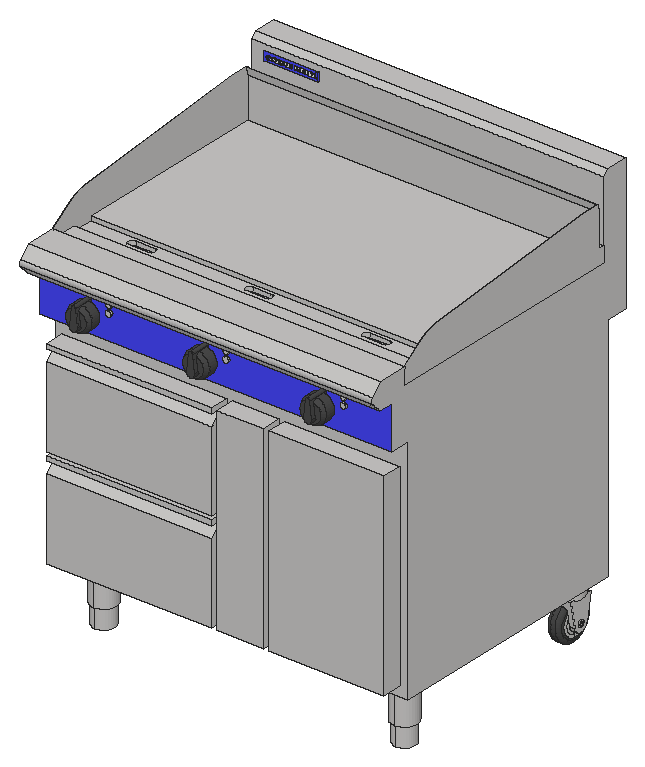
Revit family "QF_MOFFAT_BLUESEAL_CE_E516A-RB", category Specialty Equipment, Revit 2012
Parameters
  Weight in Pounds = 286  # constant formula
  Width [instance] = 900 mm  # constant formula
  Watts = 10200 W
  Volts = 400 V
  URL Cutsheet = "www.moffat.com"
  URL = "www.moffat.com"
  Type Mark [instance] = ""
  Status [instance] = ""
  Specification by User [instance] = ""
  Specification by Manufacturer = ""
  Show Logo [instance] = yes
  Show Door [instance] = no
  Show Clearance [instance] = yes
  Show Casters [instance] = yes
  Serial Number = ""
  Seismic Rating = ""
  SMACNA No = ""
  Revision Code [instance] = ""
  Refrigerant Type [instance] = "R134a"
  Phase = 3
  Omniclass Number and Title = ""
  Number of Poles = 1
  NAFEM Spec ID Number = ""
  Model = "E516A-RB"
  Min Ckt Ampacity = 0 A
  Max Overcurrent Protection = 0 A
  Masterspec = ""
  Manufacturer = "MOFFAT BLUESEAL"
  Legs [instance] = not(Show Casters)  # no
  Item Number [instance] = ""
  Installed By [instance] = ""
  Identify Quantity as Lot [instance] = yes
  Height = 1085 mm  # constant formula
  HP = ""
  Furnished By [instance] = ""
  Foodservice Equipment Identifier [instance] = yes
  FL Amps = 15 A
  Electrical Remarks = "15A PER PHASE"
  Elec Conn RI Height = 0 mm
  Elec Conn Connection Height = 0 mm
  Drawer Clearance [instance] = and(Show Clearance, and(Drawer))  # yes
  Drawer [instance] = not(Show Door)  # yes
  Door Clearance [instance] = and(Show Clearance, and(Show Door))  # no
  Description = "900MM ELECTRIC GRIDDLE PLATE ON REFRIGERATED BASE"
  Depth [instance] = 812 mm  # constant formula
  Cycle = 50 Hz
  Conn Plug = ""
  Conn Conduit = yes
  CSI MasterFormat = ""
  CSI Master Format = ""
  Back Splash [instance] = 215 mm  # constant formula
  Apparent Power = if(Phase = 3, Volts * FL Amps * 1.73, Volts * FL Amps)  # 10380 VA
Reference planes
  plane 1 "BACK": y = 0
  plane 2: z = 0
  plane 3 "LEFT": x = 0
  plane 4 "RIGHT": x = 900
  plane 5 "FRONT": y = -812
  plane 6 "TOP": z = 970
  plane 7 "Center Y": x = 450
  plane 8 "Center X": y = -406
  plane 9 "Base Height": z = 150
  plane 10: z = 915
  plane 11: x = 65
  plane 12: x = 834
  plane 13: y = -625
  plane 14: x = 770
  plane 15: z = 655
  plane 16: y = -32
  plane 17: x = 617
  plane 18: z = 402
  plane 19: z = 1085
  plane 20: y = -100
Forms (mm)
  Extrusion 1, solid, material "QF_Finishes_Stainless Steel"
    sketch origin (0, 0, 0) x (0, 1, 0) y (0, 0, 1)
      loop
        line (-697, 150) -> (-57, 150) -> (-57, 740) -> (0, 740) -> (0, 1085) -> (-57.5, 1085) -> (-70, 1072.5) -> (-70, 875) -> (-705, 875) -> (-705, 915) -> (-783.97, 915) -> (-808.485, 890.485)
        arc (-808.485, 890.485) -> (-811.999, 882) -> (-808.485, 873.515) r 12
        line (-808.485, 873.515) -> (-784.97, 850) -> (-749, 850) -> (-749, 740) -> (-697, 740) -> (-697, 150)
    from 0 to 900
  Revolve 2, solid, material "QF_Finishes_Stainless Steel", visible <- "Legs"
    sketch origin (834, -210, 0) x (0, 1, 0) y (0, 0, -1)
      loop
        line (78.25, -150) -> (110, -150) -> (110, 0) -> (82.5, 0) -> (82.5, -50) -> (78.25, -50) -> (78.25, -150)
      axis (110, -150) -> (110, 0)
    angle from 0 to 360
  Revolve 3, solid, material "QF_Finishes_Stainless Steel"
    sketch origin (834, -735, 0) x (0, 1, 0) y (0, 0, -1)
      loop
        line (78.25, -150) -> (110, -150) -> (110, 0) -> (82.5, 0) -> (82.5, -50) -> (78.25, -50) -> (78.25, -150)
      axis (110, -150) -> (110, 0)
    angle from 0 to 360
  Revolve 4, solid, material "QF_Finishes_Stainless Steel", visible <- "Legs"
    sketch origin (65, -210, 0) x (0, 1, 0) y (0, 0, -1)
      loop
        line (78.25, -150) -> (110, -150) -> (110, 0) -> (82.5, 0) -> (82.5, -50) -> (78.25, -50) -> (78.25, -150)
      axis (110, -150) -> (110, 0)
    angle from 0 to 360
  Revolve 5, solid, material "QF_Finishes_Stainless Steel"
    sketch origin (65, -735, 0) x (0, 1, 0) y (0, 0, -1)
      loop
        line (78.25, -150) -> (110, -150) -> (110, 0) -> (82.5, 0) -> (82.5, -50) -> (78.25, -50) -> (78.25, -150)
      axis (110, -150) -> (110, 0)
    angle from 0 to 360
  Revolve 6, solid, material "QF_Finishes_Black"
    sketch origin (133.995, 0, 597.8) x (0, 1, 0) y (0, 0, -1)
      loop
        line (-789, -229.5) -> (-766, -229.5) -> (-766, -202) -> (-756, -202) -> (-756, -197) -> (-800, -197) -> (-800, -223.651) -> (-789, -229.5)
      axis (-800, -197) -> (-756, -197)
    angle from 0 to 360
  Extrusion 7, solid, material "QF_Finishes_Black"
    sketch origin (272.265, 0, 597.958) x (-1, 0, 0) y (0, 0, -1)
      loop
        line (127.85, -186.037) -> (133.271, -228.955)
        arc (133.271, -228.955) -> (138.27, -233.842) -> (143.268, -228.955) r 5
        line (143.268, -228.955) -> (148.757, -184.87)
        arc (148.757, -184.87) -> (137.685, -174.371) -> (127.85, -186.037) r 10.487
    from 759 to 808
  Extrusion 8, solid, material "QF_Finishes_Stainless Steel"
    sketch origin (0, 0, 740) x (-1, 0, 0) y (0, 1, 0)
      loop
        circle (-770, -32) r 13.5
    from 0 to 1
  Extrusion 9, solid, material "QF_Finishes_Stainless Steel"
    sketch origin (0, -57, 685) x (0, 0, 1) y (1, 0, 0)
      loop
        circle (-265, 620) r 13.5
    from 0 to 3.18
  Extrusion 10, solid, material "QF_Finishes_Stainless Steel"
    sketch origin (0, -749, 866) x (0, 0, -1) y (1, 0, 0)
      loop
        circle (41.2, 179) r 7.15
      loop
        circle (61.2, 179) r 7.15
      loop
        circle (41.2, 479) r 7.15
      loop
        circle (61.2, 479) r 7.15
      loop
        circle (41.2, 779) r 7.15
      loop
        circle (61.2, 779) r 7.15
    from 0 to 3.18
  Revolve 11, solid, material "QF_Finishes_Black"
    sketch origin (433.995, 0, 597.8) x (0, 1, 0) y (0, 0, -1)
      loop
        line (-789, -229.5) -> (-766, -229.5) -> (-766, -202) -> (-756, -202) -> (-756, -197) -> (-800, -197) -> (-800, -223.651) -> (-789, -229.5)
      axis (-800, -197) -> (-756, -197)
    angle from 0 to 360
  Extrusion 12, solid, material "QF_Finishes_Black"
    sketch origin (572.265, 0, 597.958) x (-1, 0, 0) y (0, 0, -1)
      loop
        line (127.85, -186.037) -> (133.271, -228.955)
        arc (133.271, -228.955) -> (138.27, -233.842) -> (143.268, -228.955) r 5
        line (143.268, -228.955) -> (148.757, -184.87)
        arc (148.757, -184.87) -> (137.685, -174.371) -> (127.85, -186.037) r 10.487
    from 759 to 808
  Revolve 13, solid, material "QF_Finishes_Black"
    sketch origin (733.995, 0, 597.8) x (0, 1, 0) y (0, 0, -1)
      loop
        line (-789, -229.5) -> (-766, -229.5) -> (-766, -202) -> (-756, -202) -> (-756, -197) -> (-800, -197) -> (-800, -223.651) -> (-789, -229.5)
      axis (-800, -197) -> (-756, -197)
    angle from 0 to 360
  Extrusion 14, solid, material "QF_Finishes_Black"
    sketch origin (872.265, 0, 597.958) x (-1, 0, 0) y (0, 0, -1)
      loop
        line (127.85, -186.037) -> (133.271, -228.955)
        arc (133.271, -228.955) -> (138.27, -233.842) -> (143.268, -228.955) r 5
        line (143.268, -228.955) -> (148.757, -184.87)
        arc (148.757, -184.87) -> (137.685, -174.371) -> (127.85, -186.037) r 10.487
    from 759 to 808
  Revolve 15, solid, material "QF_Finishes_Stainless Steel", visible <- "Show Casters"
    sketch origin (485.423, -100.755, -12.798) x (1, 0, 0) y (0, 0, 1)
      loop
        line (314.841, 63.604) -> (383.584, 63.604) -> (383.584, 67.109) -> (382.314, 68.379) -> (380.79, 68.379) -> (380.79, 71.826) -> (368.644, 71.826) -> (368.644, 81.79) -> (365.088, 83.843) -> (363.738, 92.179) -> (365.881, 92.179) -> (365.881, 98.529) -> (365.088, 98.529) -> (365.088, 104.879)
        arc (365.088, 104.879) -> (362.298, 111.614) -> (355.563, 114.404) r 9.525
        line (355.563, 114.404) -> (342.863, 114.404)
        arc (342.863, 114.404) -> (336.127, 111.614) -> (333.338, 104.879) r 9.525
        line (333.338, 104.879) -> (333.338, 98.529) -> (332.544, 98.529) -> (332.544, 92.179) -> (334.687, 92.179) -> (333.352, 83.932) -> (329.782, 81.871) -> (329.782, 71.826) -> (317.635, 71.826) -> (317.635, 68.379) -> (316.111, 68.379) -> (314.841, 67.109) -> (314.841, 63.604)
      axis (314.841, 63.604) -> (383.584, 63.604)
    angle from 0 to 360
  Extrusion 16, solid, material "QF_Finishes_Stainless Steel", visible <- "Show Casters"
    sketch origin (841.147, 132.353, -9.137) x (0, 1, 0) y (0, 0, 1)
      loop
        line (-200.603, 118.783) -> (-264.103, 118.783) -> (-251.746, 53.895)
        arc (-251.746, 53.895) -> (-232.353, 38.783) -> (-212.959, 53.895) r 20
        line (-212.959, 53.895) -> (-200.603, 118.783)
    from -35.667 to 22.923
  Revolve 17, solid, material "QF_Finishes_Stainless Steel", visible <- "Show Casters"
    sketch origin (834.646, -204, -0.354) x (0, 1, 0) y (0, 0, 1)
      loop
        line (68.25, 150) -> (68.25, 110) -> (104, 110) -> (104, 150) -> (68.25, 150)
      axis (104, 150) -> (104, 110)
    angle from 0 to 360
  Revolve 18, solid, material "QF_Finishes_Stainless Steel", visible <- "Show Casters"
    sketch origin (-283.577, -100.755, -12.798) x (1, 0, 0) y (0, 0, 1)
      loop
        line (314.841, 63.604) -> (383.584, 63.604) -> (383.584, 67.109) -> (382.314, 68.379) -> (380.79, 68.379) -> (380.79, 71.826) -> (368.644, 71.826) -> (368.644, 81.79) -> (365.088, 83.843) -> (363.738, 92.179) -> (365.881, 92.179) -> (365.881, 98.529) -> (365.088, 98.529) -> (365.088, 104.879)
        arc (365.088, 104.879) -> (362.298, 111.614) -> (355.563, 114.404) r 9.525
        line (355.563, 114.404) -> (342.863, 114.404)
        arc (342.863, 114.404) -> (336.127, 111.614) -> (333.338, 104.879) r 9.525
        line (333.338, 104.879) -> (333.338, 98.529) -> (332.544, 98.529) -> (332.544, 92.179) -> (334.687, 92.179) -> (333.352, 83.932) -> (329.782, 81.871) -> (329.782, 71.826) -> (317.635, 71.826) -> (317.635, 68.379) -> (316.111, 68.379) -> (314.841, 67.109) -> (314.841, 63.604)
      axis (314.841, 63.604) -> (383.584, 63.604)
    angle from 0 to 360
  Extrusion 19, solid, material "QF_Finishes_Stainless Steel", visible <- "Show Casters"
    sketch origin (72.147, 132.353, -9.137) x (0, 1, 0) y (0, 0, 1)
      loop
        line (-200.603, 118.783) -> (-264.103, 118.783) -> (-251.746, 53.895)
        arc (-251.746, 53.895) -> (-232.353, 38.783) -> (-212.959, 53.895) r 20
        line (-212.959, 53.895) -> (-200.603, 118.783)
    from -35.667 to 22.923
  Revolve 20, solid, material "QF_Finishes_Stainless Steel", visible <- "Show Casters"
    sketch origin (65.646, -204, -0.354) x (0, 1, 0) y (0, 0, 1)
      loop
        line (68.25, 150) -> (68.25, 110) -> (104, 110) -> (104, 150) -> (68.25, 150)
      axis (104, 150) -> (104, 110)
    angle from 0 to 360
  Extrusion 21, solid, material "QF_Finishes_Stainless Steel"
    sketch origin (0, 0, 0) x (0, 1, 0) y (0, 0, 1)
      loop
        line (-699, 678) -> (-747, 678) -> (-747, 665) -> (-715.13, 665) -> (-749, 636.579) -> (-749, 431) -> (-699, 431) -> (-699, 678)
      loop
        line (-749, 175) -> (-699, 175) -> (-699, 421) -> (-747, 421) -> (-747, 408) -> (-715.13, 408) -> (-749, 379.579) -> (-749, 175)
    from 17.986 to 440
  Extrusion 22, solid, material "QF_Finishes_Stainless Steel"
    sketch origin (723.5, 0, 0) x (0, 1, 0) y (0, 0, 1)
      loop
        line (-699, 678) -> (-749, 678) -> (-749, 175) -> (-699, 175) -> (-699, 678)
    from -270.5 to -150.5
  Extrusion 23, solid, material "QF_Door-Drawer Clearances", visible <- "Show Clearance", detail levels coarse
    sketch origin (0, -749, 676) x (0, 0, -1) y (1, 0, 0)
      loop
        line (501, 440) -> (255, 440) -> (255, 17.986) -> (501, 17.986) -> (501, 440)
      loop
        line (245, 440) -> (-2, 440) -> (-2, 17.986) -> (245, 17.986) -> (245, 440)
    from 0 to 304.8
  Extrusion 24, solid, material "QF_Finishes_Stainless Steel"
    sketch origin (1031.5, 0, 0) x (0, 1, 0) y (0, 0, 1)
      loop
        line (-699, 678) -> (-749, 678) -> (-749, 175) -> (-699, 175) -> (-699, 678)
    from -444.5 to -150.5
Lines and regions (mm)
  Split face 1
    outline origin (0, 612.322, 1085) x (0, -1, 0) y (1, 0, 0)
      loop
        arc (657.707, 566) -> (652.707, 574.66) -> (642.707, 574.66) r 10
        line (642.707, 574.66) -> (635.707, 570.619)
        arc (635.707, 570.619) -> (632.047, 566.959) -> (630.707, 561.959) r 10
        line (630.707, 561.959) -> (630.707, 334)
        arc (630.707, 334) -> (635.707, 325.34) -> (645.707, 325.34) r 10
        line (645.707, 325.34) -> (652.707, 329.381)
        arc (652.707, 329.381) -> (656.368, 333.041) -> (657.707, 338.041) r 10
        line (657.707, 338.041) -> (657.707, 566)
  Split face 2
    outline origin (0, 612.322, 1085) x (0, -1, 0) y (1, 0, 0)
      loop
        arc (630.707, 624) -> (635.707, 615.34) -> (645.707, 615.34) r 10
        line (645.707, 615.34) -> (652.707, 619.381)
        arc (652.707, 619.381) -> (656.368, 623.041) -> (657.707, 628.041) r 10
        line (657.707, 628.041) -> (657.707, 856)
        arc (657.707, 856) -> (652.707, 864.66) -> (642.707, 864.66) r 10
        line (642.707, 864.66) -> (635.707, 860.619)
        arc (635.707, 860.619) -> (632.047, 856.959) -> (630.707, 851.959) r 10
        line (630.707, 851.959) -> (630.707, 624)
  Split face 3
    outline origin (0, 612.322, 1085) x (0, -1, 0) y (1, 0, 0)
      loop
        arc (657.707, 276) -> (652.707, 284.66) -> (642.707, 284.66) r 10
        line (642.707, 284.66) -> (635.707, 280.619)
        arc (635.707, 280.619) -> (632.047, 276.959) -> (630.707, 271.959) r 10
        line (630.707, 271.959) -> (630.707, 44)
        arc (630.707, 44) -> (635.707, 35.34) -> (645.707, 35.34) r 10
        line (645.707, 35.34) -> (652.707, 39.381)
        arc (652.707, 39.381) -> (656.368, 43.041) -> (657.707, 48.041) r 10
        line (657.707, 48.041) -> (657.707, 276)
  Split face 4
    outline origin (1031.5, -749, 676) x (0, 0, -1) y (1, 0, 0)
      loop
        line (291.62, -416.534) -> (481.62, -416.534) -> (481.62, -181.534) -> (291.62, -181.534) -> (291.62, -416.534)
  Split face 5
    outline origin (1031.5, -749, 931) x (0, 0, -1) y (1, 0, 0)
      loop
        line (291.62, -416.534) -> (356.62, -416.534) -> (356.62, -181.534) -> (291.62, -181.534) -> (291.62, -416.534)
  Split face 6
    outline origin (1031.5, -749, 807.725) x (0, 0, -1) y (1, 0, 0)
      loop
        line (307.841, -274.649) -> (342.841, -274.649) -> (342.841, -219.649) -> (307.841, -219.649) -> (307.841, -274.649)
  Split face 7
    outline origin (939.097, -749, 808.536) x (0, 0, -1) y (1, 0, 0)
      loop
        line (307.841, -274.649) -> (342.841, -274.649) -> (342.841, -239.649) -> (307.841, -239.649) -> (307.841, -274.649)
  symbolic lines
    curve 1: line (0, 0, 0) -> (0, -812, 0)
    curve 2: line (900, 0, 0) -> (0, 0, 0)
    curve 3: line (900, -812, 0) -> (900, 0, 0)
    curve 4: line (0, -812, 0) -> (900, -812, 0)
    curve 13: line (0, -783.97, 0) -> (900, -783.97, 0)
    curve 14: line (271.959, -18.385, 0) -> (44, -18.385, 0)
    curve 15: arc (44, -18.385, 0) -> (35.34, -23.385, 0) -> (35.34, -33.385, 0) r 10
    curve 16: line (35.34, -33.385, 0) -> (39.381, -40.385, 0)
    curve 17: arc (39.381, -40.385, 0) -> (43.041, -44.045, 0) -> (48.041, -45.385, 0) r 10
    curve 18: line (48.041, -45.385, 0) -> (276, -45.385, 0)
    curve 19: arc (276, -45.385, 0) -> (284.66, -40.385, 0) -> (284.66, -30.385, 0) r 10
    curve 20: line (284.66, -30.385, 0) -> (280.619, -23.385, 0)
    curve 21: arc (280.619, -23.385, 0) -> (276.959, -19.725, 0) -> (271.959, -18.385, 0) r 10
    curve 22: line (334, -18.385, 0) -> (561.959, -18.385, 0)
    curve 23: arc (561.959, -18.385, 0) -> (566.959, -19.725, 0) -> (570.619, -23.385, 0) r 10
    curve 24: line (570.619, -23.385, 0) -> (574.66, -30.385, 0)
    curve 25: arc (574.66, -30.385, 0) -> (574.66, -40.385, 0) -> (566, -45.385, 0) r 10
    curve 26: line (566, -45.385, 0) -> (338.041, -45.385, 0)
    curve 27: arc (338.041, -45.385, 0) -> (333.041, -44.045, 0) -> (329.381, -40.385, 0) r 10
    curve 28: line (329.381, -40.385, 0) -> (325.34, -33.385, 0)
    curve 29: arc (325.34, -33.385, 0) -> (325.34, -23.385, 0) -> (334, -18.385, 0) r 10
    curve 30: line (851.959, -18.385, 0) -> (624, -18.385, 0)
    curve 31: arc (624, -18.385, 0) -> (615.34, -23.385, 0) -> (615.34, -33.385, 0) r 10
    curve 32: line (615.34, -33.385, 0) -> (619.381, -40.385, 0)
    curve 33: arc (619.381, -40.385, 0) -> (623.041, -44.045, 0) -> (628.041, -45.385, 0) r 10
    curve 34: line (628.041, -45.385, 0) -> (856, -45.385, 0)
    curve 35: arc (856, -45.385, 0) -> (864.66, -40.385, 0) -> (864.66, -30.385, 0) r 10
    curve 36: line (864.66, -30.385, 0) -> (860.619, -23.385, 0)
    curve 37: arc (860.619, -23.385, 0) -> (856.959, -19.725, 0) -> (851.959, -18.385, 0) r 10
    curve 38: line (0, -57.5, 0) -> (900, -57.5, 0)
    curve 39: line (0, -70, 0) -> (900, -70, 0)
  symbolic lines, style "SpecialityEquipmentHiddenLines", visible <- "Show Casters"
    curve 5: line (875.952, -62.61, 0) -> (825.152, -150.598, 0)
    curve 6: line (848.456, -46.735, 0) -> (875.952, -62.61, 0)
    curve 7: line (797.656, -134.723, 0) -> (848.456, -46.735, 0)
    curve 8: line (825.152, -150.598, 0) -> (797.656, -134.723, 0)
    curve 9: line (106.952, -62.61, 0) -> (56.152, -150.598, 0)
    curve 10: line (79.456, -46.735, 0) -> (106.952, -62.61, 0)
    curve 11: line (28.656, -134.723, 0) -> (79.456, -46.735, 0)
    curve 12: line (56.152, -150.598, 0) -> (28.656, -134.723, 0)
  symbolic lines, style "QF_Door-Drawer Clearances"
    curve 40: line (17.986, -1053.8, 0) -> (440, -1053.8, 0)
    curve 41: line (440, -1053.8, 0) -> (440, -812, 0)
    curve 42: line (17.986, -1053.8, 0) -> (17.986, -812, 0)
Dimensions and locks
  equal spacing: plane 3 "LEFT", plane 7 "Center Y", plane 4 "RIGHT"
  "Width": plane 3 "LEFT" to plane 4 "RIGHT"
  equal spacing: plane 5 "FRONT", plane 8 "Center X", plane 1 "BACK"
  "Depth": plane 5 "FRONT" to plane 1 "BACK"
  locked: plane 10 to level at 915
  locked: plane 9 "Base Height" to level at 150
  plane 6 "TOP" to plane 10 = 55 mm
  plane 12 to plane 11 = 769 mm
  plane 14 to plane 4 "RIGHT" = 130 mm
  plane 15 to level = 655 mm
  plane 16 to plane 1 "BACK" = 32 mm
  plane 17 to plane 4 "RIGHT" = 283 mm
  plane 18 to level = 402 mm
  Revolve 15 sketch curve to Revolve 15 sketch curve = 50.8 mm
  Revolve 18 sketch curve to Revolve 18 sketch curve = 50.8 mm
  "Height": plane 19 to level
  aligned and locked: level to plane 2
Automatic sketch dimensions
  curve 1 to plane 3 "LEFT" = 0 mm
  plane 1 "BACK" to curve 2 = 0 mm
  curve 2 to plane 4 "RIGHT" = 0 mm
  plane 5 "FRONT" to curve 1 = 0 mm
  curve 12 to plane 11 = 8.848 mm
  plane 11 to curve 10 = 14.456 mm
  plane 14 to curve 8 = 27.656 mm
  plane 12 to curve 8 = 8.848 mm
  curve 6 to plane 12 = 14.456 mm
  plane 20 to curve 8 = 50.598 mm
  plane 20 to curve 12 = 50.598 mm
  curve 9 to curve 11 = 15.875 mm
  curve 5 to curve 7 = 15.875 mm
  Extrusion 1 sketch curve to plane 10 = 0 mm
  Extrusion 1 sketch curve to plane 9 "Base Height" = 0 mm
  Extrusion 1 sketch curve to plane 19 = 0 mm
  Extrusion 1 sketch curve to plane 1 "BACK" = 0 mm
  Extrusion 1 sketch curve to plane 16 = 25 mm
  Extrusion 1 sketch curve to plane 16 = 25.5 mm
  Extrusion 1 sketch curve to plane 20 = 30 mm
  Extrusion 1 sketch curve to plane 13 = 72 mm
  Extrusion 1 sketch curve to plane 13 = 80 mm
  Extrusion 1 sketch curve to Extrusion 1 sketch curve = 44 mm
  Extrusion 1 sketch curve to plane 5 "FRONT" = 28.03 mm
  Extrusion 1 sketch curve to plane 5 "FRONT" = 27.03 mm
  Extrusion 1 sketch curve to plane 5 "FRONT" = 12.001 mm
  Extrusion 1 sketch curve to plane 5 "FRONT" = 3.515 mm  (x2)
  plane 15 to Extrusion 1 sketch curve = 85 mm  (x2)
  Extrusion 1 sketch curve to plane 10 = 65 mm
  Extrusion 1 sketch curve to Extrusion 1 sketch curve = 23.515 mm
  Extrusion 1 sketch curve to Extrusion 1 sketch curve = 40 mm
  Extrusion 1 sketch curve to Extrusion 1 sketch curve = 8.485 mm
  Extrusion 1 sketch curve to plane 19 = 12.5 mm
  Revolve 2 sketch curve to plane 9 "Base Height" = 0 mm
  Revolve 2 sketch curve to level = 0 mm
  Revolve 2 sketch curve to plane 20 = 0 mm  (x2)
  plane 20 to Revolve 2 sketch curve = 27.5 mm
  plane 20 to Revolve 2 sketch curve = 31.75 mm
  level to Revolve 2 sketch curve = 50 mm
  Revolve 2 sketch curve to Revolve 2 sketch curve = 0 mm
  Revolve 2 sketch curve to Revolve 2 sketch curve = 55 mm
  Revolve 3 sketch curve to plane 9 "Base Height" = 0 mm
  Revolve 3 sketch curve to level = 0 mm
  Revolve 3 sketch curve to plane 13 = 0 mm  (x2)
  Revolve 3 sketch curve to plane 13 = 27.5 mm
  Revolve 3 sketch curve to plane 13 = 31.75 mm
  level to Revolve 3 sketch curve = 50 mm
  Revolve 3 sketch curve to Revolve 3 sketch curve = 0 mm
  Revolve 3 sketch curve to Revolve 3 sketch curve = 55 mm
  Revolve 4 sketch curve to plane 9 "Base Height" = 0 mm
  Revolve 4 sketch curve to level = 0 mm
  Revolve 4 sketch curve to plane 20 = 0 mm  (x2)
  plane 20 to Revolve 4 sketch curve = 27.5 mm
  plane 20 to Revolve 4 sketch curve = 31.75 mm
  level to Revolve 4 sketch curve = 50 mm
  Revolve 4 sketch curve to Revolve 4 sketch curve = 0 mm
  Revolve 4 sketch curve to Revolve 4 sketch curve = 55 mm
  Revolve 5 sketch curve to plane 9 "Base Height" = 0 mm
  Revolve 5 sketch curve to level = 0 mm
  Revolve 5 sketch curve to plane 13 = 0 mm  (x2)
  Revolve 5 sketch curve to plane 13 = 27.5 mm
  Revolve 5 sketch curve to plane 13 = 31.75 mm
  level to Revolve 5 sketch curve = 50 mm
  Revolve 5 sketch curve to Revolve 5 sketch curve = 0 mm
  Revolve 5 sketch curve to Revolve 5 sketch curve = 55 mm
  Revolve 6 sketch curve to plane 5 "FRONT" = 12 mm
  Revolve 6 sketch curve to Revolve 6 sketch curve = 0 mm  (x2)
  Revolve 6 sketch curve to Revolve 6 sketch curve = 11 mm
  Revolve 6 sketch curve to Revolve 6 sketch curve = 12.7 mm
  Revolve 6 sketch curve to Revolve 6 sketch curve = 23 mm
  Revolve 6 sketch curve to Revolve 6 sketch curve = 10 mm
  Revolve 6 sketch curve to plane 10 = 87.7 mm
  Revolve 6 sketch curve to Revolve 6 sketch curve = 5.849 mm
  Revolve 6 sketch curve to Revolve 6 sketch curve = 27.5 mm
  Revolve 6 sketch curve to Revolve 6 sketch curve = 5 mm
  plane 11 to Extrusion 7 sketch curve = 79.415 mm
  plane 11 to Extrusion 7 sketch curve = 73.994 mm
  Extrusion 7 sketch curve to Extrusion 7 sketch curve = 10.419 mm
  Extrusion 7 sketch curve to Extrusion 7 sketch curve = 4.999 mm  (x2)
  Extrusion 7 sketch curve to Extrusion 7 sketch curve = 10.487 mm
  Extrusion 7 sketch curve to plane 10 = 88.087 mm
  Extrusion 7 sketch curve to Extrusion 7 sketch curve = 0.113 mm
  Extrusion 7 sketch curve to Extrusion 7 sketch curve = 42.919 mm
  Extrusion 7 sketch curve to Extrusion 7 sketch curve = 1.167 mm
  Extrusion 1 to Extrusion 9 sketch curve = 270 mm
  Extrusion 1 to Extrusion 9 sketch curve = 280 mm
  Extrusion 10 sketch curve to Extrusion 1 = 45.2 mm  (x3)
  Extrusion 10 sketch curve to Extrusion 1 = 25.2 mm  (x3)
  Extrusion 1 to Extrusion 10 sketch curve = 179 mm
  Extrusion 10 sketch curve to Extrusion 10 sketch curve = 0 mm  (x2)
  Extrusion 10 sketch curve to Extrusion 10 sketch curve = 300 mm
  Extrusion 1 to Extrusion 10 sketch curve = 121 mm  (x2)
  Revolve 11 sketch curve to plane 5 "FRONT" = 12 mm
  Revolve 11 sketch curve to Revolve 11 sketch curve = 0 mm  (x2)
  Revolve 11 sketch curve to Revolve 11 sketch curve = 11 mm
  Revolve 11 sketch curve to Revolve 11 sketch curve = 12.7 mm
  Revolve 11 sketch curve to Revolve 11 sketch curve = 23 mm
  Revolve 11 sketch curve to Revolve 11 sketch curve = 10 mm
  Revolve 11 sketch curve to plane 10 = 87.7 mm
  Revolve 11 sketch curve to Revolve 11 sketch curve = 5.849 mm
  Revolve 11 sketch curve to Revolve 11 sketch curve = 27.5 mm
  Revolve 11 sketch curve to Revolve 11 sketch curve = 5 mm
  Extrusion 12 sketch curve to plane 14 = 325.585 mm
  Extrusion 12 sketch curve to Extrusion 12 sketch curve = 5.421 mm
  Extrusion 12 sketch curve to Extrusion 12 sketch curve = 10.419 mm
  Extrusion 12 sketch curve to Extrusion 12 sketch curve = 4.999 mm  (x2)
  Extrusion 12 sketch curve to Extrusion 12 sketch curve = 10.487 mm
  Extrusion 12 sketch curve to plane 10 = 88.087 mm
  Extrusion 12 sketch curve to Extrusion 12 sketch curve = 0.113 mm
  Extrusion 12 sketch curve to Extrusion 12 sketch curve = 42.919 mm
  Extrusion 12 sketch curve to Extrusion 12 sketch curve = 1.167 mm
  Revolve 13 sketch curve to plane 5 "FRONT" = 12 mm
  Revolve 13 sketch curve to Revolve 13 sketch curve = 0 mm  (x2)
  Revolve 13 sketch curve to Revolve 13 sketch curve = 11 mm
  Revolve 13 sketch curve to Revolve 13 sketch curve = 12.7 mm
  Revolve 13 sketch curve to Revolve 13 sketch curve = 23 mm
  Revolve 13 sketch curve to Revolve 13 sketch curve = 10 mm
  Revolve 13 sketch curve to plane 10 = 87.7 mm
  Revolve 13 sketch curve to Revolve 13 sketch curve = 5.849 mm
  Revolve 13 sketch curve to Revolve 13 sketch curve = 27.5 mm
  Revolve 13 sketch curve to Revolve 13 sketch curve = 5 mm
  plane 12 to Extrusion 14 sketch curve = 89.585 mm
  plane 12 to Extrusion 14 sketch curve = 95.006 mm
  Extrusion 14 sketch curve to Extrusion 14 sketch curve = 10.419 mm
  Extrusion 14 sketch curve to Extrusion 14 sketch curve = 4.999 mm  (x2)
  Extrusion 14 sketch curve to Extrusion 14 sketch curve = 10.487 mm
  Extrusion 14 sketch curve to plane 10 = 88.087 mm
  Extrusion 14 sketch curve to Extrusion 14 sketch curve = 0.113 mm
  Extrusion 14 sketch curve to Extrusion 14 sketch curve = 42.919 mm
  Extrusion 14 sketch curve to Extrusion 14 sketch curve = 1.167 mm
  plane 14 to Revolve 15 sketch curve = 30.264 mm
  Revolve 15 sketch curve to Revolve 15 sketch curve = 1.27 mm  (x4)
  Revolve 15 sketch curve to Revolve 15 sketch curve = 1.524 mm  (x2)
  Revolve 15 sketch curve to Revolve 15 sketch curve = 12.146 mm  (x2)
  plane 12 to Revolve 15 sketch curve = 16.033 mm
  Revolve 15 sketch curve to Revolve 15 sketch curve = 0.794 mm  (x2)
  Revolve 15 sketch curve to Revolve 15 sketch curve = 3.57 mm
  Revolve 15 sketch curve to Revolve 15 sketch curve = 2.143 mm
  plane 12 to Revolve 15 sketch curve = 5.715 mm
  Revolve 15 sketch curve to plane 12 = 5.776 mm
  Revolve 15 sketch curve to plane 12 = 6.985 mm
  Revolve 15 sketch curve to Revolve 15 sketch curve = 8.176 mm
  Revolve 15 sketch curve to Revolve 15 sketch curve = 1.349 mm  (x2)
  Revolve 15 sketch curve to Revolve 15 sketch curve = 3.556 mm
  Revolve 15 sketch curve to plane 4 "RIGHT" = 2.327 mm
  level to Revolve 15 sketch curve = 50.806 mm
  Revolve 15 sketch curve to Revolve 15 sketch curve = 0 mm
  Revolve 15 sketch curve to Revolve 15 sketch curve = 3.505 mm  (x2)
  Revolve 15 sketch curve to Revolve 15 sketch curve = 3.447 mm  (x2)
  Revolve 15 sketch curve to Revolve 15 sketch curve = 9.964 mm
  Revolve 15 sketch curve to Revolve 15 sketch curve = 10.045 mm
  Revolve 15 sketch curve to Revolve 15 sketch curve = 2.053 mm
  Revolve 15 sketch curve to Revolve 15 sketch curve = 2.061 mm
  Revolve 15 sketch curve to Revolve 15 sketch curve = 8.247 mm
  Revolve 15 sketch curve to Revolve 15 sketch curve = 8.336 mm
  Revolve 15 sketch curve to Revolve 15 sketch curve = 6.35 mm  (x2)
  Extrusion 16 sketch curve to plane 20 = 0 mm
  plane 20 to Extrusion 16 sketch curve = 19.393 mm
  plane 20 to Extrusion 16 sketch curve = 31.75 mm
  Extrusion 16 sketch curve to plane 20 = 19.393 mm
  Extrusion 16 sketch curve to plane 20 = 31.75 mm
  level to Extrusion 16 sketch curve = 44.758 mm
  Extrusion 16 sketch curve to Extrusion 16 sketch curve = 4.889 mm
  Extrusion 16 sketch curve to plane 9 "Base Height" = 40.354 mm
  Revolve 17 sketch curve to plane 20 = 0 mm  (x2)
  Revolve 17 sketch curve to plane 9 "Base Height" = 0.354 mm
  Revolve 17 sketch curve to Revolve 17 sketch curve = 35.75 mm
  Revolve 17 sketch curve to Revolve 17 sketch curve = 40 mm
  level to Revolve 17 sketch curve = 49.646 mm
  Revolve 17 sketch curve to level = 55.354 mm
  Revolve 18 sketch curve to Revolve 18 sketch curve = 1.27 mm  (x4)
  Revolve 18 sketch curve to Revolve 18 sketch curve = 1.524 mm  (x2)
  Revolve 18 sketch curve to Revolve 18 sketch curve = 12.146 mm  (x2)
  Revolve 18 sketch curve to plane 11 = 16.033 mm
  Revolve 18 sketch curve to Revolve 18 sketch curve = 0.794 mm  (x2)
  Revolve 18 sketch curve to Revolve 18 sketch curve = 3.57 mm
  Revolve 18 sketch curve to Revolve 18 sketch curve = 2.143 mm
  Revolve 18 sketch curve to plane 11 = 5.715 mm
  plane 11 to Revolve 18 sketch curve = 5.776 mm
  plane 11 to Revolve 18 sketch curve = 6.985 mm
  Revolve 18 sketch curve to Revolve 18 sketch curve = 8.176 mm
  Revolve 18 sketch curve to Revolve 18 sketch curve = 1.349 mm  (x2)
  Revolve 18 sketch curve to Revolve 18 sketch curve = 3.556 mm
  Revolve 18 sketch curve to Revolve 18 sketch curve = 33.32 mm
  level to Revolve 18 sketch curve = 50.806 mm
  Revolve 18 sketch curve to Revolve 18 sketch curve = 0 mm
  Revolve 18 sketch curve to Revolve 18 sketch curve = 3.505 mm  (x2)
  Revolve 18 sketch curve to Revolve 18 sketch curve = 3.447 mm  (x2)
  Revolve 18 sketch curve to Revolve 18 sketch curve = 9.964 mm
  Revolve 18 sketch curve to Revolve 18 sketch curve = 10.045 mm
  Revolve 18 sketch curve to Revolve 18 sketch curve = 2.053 mm
  Revolve 18 sketch curve to Revolve 18 sketch curve = 2.061 mm
  Revolve 18 sketch curve to Revolve 18 sketch curve = 8.247 mm
  Revolve 18 sketch curve to Revolve 18 sketch curve = 8.336 mm
  Revolve 18 sketch curve to Revolve 18 sketch curve = 6.35 mm  (x2)
  Extrusion 19 sketch curve to plane 20 = 0 mm
  plane 20 to Extrusion 19 sketch curve = 19.393 mm
  plane 20 to Extrusion 19 sketch curve = 31.75 mm
  Extrusion 19 sketch curve to plane 20 = 19.393 mm
  Extrusion 19 sketch curve to plane 20 = 31.75 mm
  level to Extrusion 19 sketch curve = 44.758 mm
  Extrusion 19 sketch curve to Extrusion 19 sketch curve = 4.889 mm
  Extrusion 19 sketch curve to plane 9 "Base Height" = 40.354 mm
  Revolve 20 sketch curve to plane 20 = 0 mm  (x2)
  Revolve 20 sketch curve to plane 9 "Base Height" = 0.354 mm
  plane 20 to Revolve 20 sketch curve = 35.75 mm
  Revolve 20 sketch curve to Revolve 20 sketch curve = 40 mm
  level to Revolve 20 sketch curve = 49.646 mm
  Revolve 20 sketch curve to level = 55.354 mm
  plane 3 "LEFT" to curve 12 = 28.656 mm
  Revolve 18 sketch curve to Revolve 18 sketch curve = 2.762 mm
  Split face 1 sketch curve to Extrusion 1 = 18.385 mm
  Split face 1 sketch curve to Split face 1 sketch curve = 5 mm  (x2)
  Split face 1 sketch curve to Split face 1 sketch curve = 10 mm  (x3)
  Split face 1 sketch curve to Split face 1 sketch curve = 7 mm  (x4)
  Split face 1 sketch curve to Extrusion 1 = 325.34 mm
  Split face 1 sketch curve to Split face 1 sketch curve = 4.041 mm  (x2)
  Split face 1 sketch curve to Split face 1 sketch curve = 223.917 mm
  Split face 2 sketch curve to Extrusion 1 = 18.385 mm
  Split face 2 sketch curve to Split face 2 sketch curve = 5 mm  (x2)
  Split face 2 sketch curve to Split face 2 sketch curve = 10 mm  (x3)
  Split face 2 sketch curve to Split face 2 sketch curve = 7 mm  (x4)
  Split face 2 sketch curve to Extrusion 1 = 284.66 mm
  Split face 2 sketch curve to Split face 2 sketch curve = 4.041 mm  (x2)
  Split face 2 sketch curve to Extrusion 1 = 48.041 mm
  Split face 3 sketch curve to Extrusion 1 = 18.385 mm
  Split face 3 sketch curve to Split face 3 sketch curve = 5 mm  (x3)
  Split face 3 sketch curve to Split face 3 sketch curve = 10 mm  (x2)
  Split face 3 sketch curve to Split face 3 sketch curve = 7 mm  (x4)
  Split face 3 sketch curve to Extrusion 1 = 35.34 mm
  Split face 3 sketch curve to Split face 3 sketch curve = 4.041 mm  (x2)
  Split face 3 sketch curve to Split face 3 sketch curve = 223.917 mm
  Extrusion 8 sketch curve to Extrusion 1 = 25 mm
  Extrusion 8 sketch curve to Extrusion 1 = 130 mm
  curve 13 to plane 5 "FRONT" = 28.03 mm
  curve 16 to plane 16 = 1.385 mm
  curve 16 to plane 11 = 29.66 mm
  curve 16 to curve 17 = 4.041 mm
  curve 15 to curve 14 = 8.66 mm
  curve 16 to curve 17 = 8.66 mm
  plane 16 to curve 14 = 13.615 mm
  curve 9 to curve 14 = 165.007 mm
  curve 21 to curve 19 = 4.041 mm
  plane 16 to curve 20 = 8.615 mm
  curve 14 to curve 20 = 8.66 mm
  plane 16 to curve 19 = 1.615 mm
  curve 20 to curve 19 = 4.041 mm
  curve 18 to plane 16 = 13.385 mm
  curve 16 to curve 16 = 7 mm
  curve 29 to plane 16 = 1.385 mm
  curve 20 to curve 29 = 40.679 mm
  curve 28 to plane 16 = 8.385 mm
  curve 28 to curve 28 = 4.041 mm
  plane 16 to curve 29 = 3.615 mm
  curve 29 to curve 29 = 8.66 mm
  curve 27 to curve 26 = 8.66 mm
  curve 22 to plane 17 = 55.041 mm
  curve 25 to plane 16 = 3.385 mm
  curve 23 to curve 25 = 4.041 mm
  plane 16 to curve 24 = 8.615 mm
  curve 22 to curve 24 = 8.66 mm
  plane 16 to curve 24 = 1.615 mm
  curve 23 to curve 24 = 4.041 mm
  curve 31 to plane 17 = 1.66 mm
  plane 17 to curve 33 = 2.381 mm
  plane 17 to curve 31 = 7 mm
  curve 33 to plane 16 = 3.385 mm
  curve 31 to curve 33 = 4.041 mm
  curve 37 to plane 12 = 17.959 mm
  curve 6 to curve 35 = 7.544 mm
  plane 16 to curve 36 = 8.615 mm
  curve 37 to curve 36 = 8.66 mm
  plane 16 to curve 36 = 1.615 mm
  curve 37 to curve 36 = 4.041 mm
  curve 6 to curve 35 = 1.35 mm
  curve 31 to plane 16 = 1.385 mm
  plane 16 to curve 37 = 3.615 mm
  curve 5 to curve 38 = 5.11 mm
  curve 39 to curve 38 = 12.5 mm
  Extrusion 21 sketch curve to plane 15 = 18.421 mm
  Extrusion 21 sketch curve to plane 5 "FRONT" = 63 mm  (x2)
  plane 9 "Base Height" to Extrusion 21 sketch curve = 25 mm
  plane 18 to Extrusion 21 sketch curve = 6 mm
  Extrusion 21 sketch curve to Extrusion 21 sketch curve = 2 mm  (x2)
  plane 15 to Extrusion 21 sketch curve = 10 mm
  Extrusion 21 sketch curve to Extrusion 21 sketch curve = 31.87 mm  (x2)
  Extrusion 21 sketch curve to Extrusion 21 sketch curve = 50 mm
  Extrusion 21 sketch curve to Extrusion 21 sketch curve = 0 mm
  Extrusion 21 sketch curve to plane 18 = 22.421 mm
  plane 18 to Extrusion 21 sketch curve = 19 mm
  Extrusion 21 sketch curve to Extrusion 21 sketch curve = 10 mm
  Extrusion 21 sketch curve to Extrusion 21 sketch curve = 13 mm
  plane 9 "Base Height" to Extrusion 22 sketch curve = 25 mm
  Extrusion 22 sketch curve to plane 5 "FRONT" = 63 mm
  Extrusion 22 sketch curve to Extrusion 22 sketch curve = 50 mm
  plane 15 to Extrusion 22 sketch curve = 23 mm
  Extrusion 23 sketch curve to Extrusion 21 = 0 mm  (x3)
  Extrusion 21 to Extrusion 23 sketch curve = 0 mm  (x2)
  Extrusion 21 to Extrusion 23 sketch curve = 41.421 mm
  Extrusion 21 to Extrusion 23 sketch curve = 10 mm
  Extrusion 23 sketch curve to Extrusion 23 sketch curve = 246 mm
  plane 9 "Base Height" to Extrusion 24 sketch curve = 25 mm
  Extrusion 24 sketch curve to plane 5 "FRONT" = 63 mm
  Extrusion 24 sketch curve to Extrusion 24 sketch curve = 50 mm
  plane 15 to Extrusion 24 sketch curve = 23 mm
  Split face 4 sketch curve to Extrusion 24 = 31.034 mm
  Split face 4 sketch curve to Extrusion 24 = 209.38 mm
  Split face 4 sketch curve to Extrusion 24 = 19.38 mm
  Split face 4 sketch curve to Extrusion 24 = 27.966 mm
  Split face 5 sketch curve to Extrusion 24 = 38.62 mm
  Split face 5 sketch curve to Extrusion 24 = 27.966 mm
  Split face 5 sketch curve to Split face 5 sketch curve = 65 mm
  Split face 5 sketch curve to Extrusion 24 = 31.034 mm
  Split face 6 sketch curve to Extrusion 24 = 69.149 mm
  Split face 6 sketch curve to Extrusion 24 = 178.116 mm
  Split face 6 sketch curve to Split face 6 sketch curve = 35 mm
  Split face 6 sketch curve to Split face 6 sketch curve = 55 mm
  Split face 7 sketch curve to Extrusion 24 = 177.305 mm
  Split face 7 sketch curve to Split face 7 sketch curve = 35 mm  (x2)
  Split face 7 sketch curve to Extrusion 24 = 77.448 mm
  plane 3 "LEFT" to curve 42 = 17.986 mm
  curve 41 to plane 7 "Center Y" = 10 mm
  curve 40 to curve 41 = 241.8 mm
  radius of Extrusion 9 sketch curve = 13.5 mm
  radius of Extrusion 10 sketch curve = 7.15 mm  (x6)
  radius of Extrusion 8 sketch curve = 13.5 mm
Nested families
  nested 1: "WALDORF LOGO_FACE BASE" at (32, -70, 1056.885) x (1, 0, 0) z (0, -1, 0), visible <- "Show Logo", type "WALDORF LOGO_FACE BASE", detail levels medium+fine
    with Show Logo yes
  nested 2: "ELECTRIC GRIDDLE PLATE 900" at (0, -85.003, 875), type "ELECTRIC GRIDDLE PLATE 900"
    with Width 900 mm, Type Mark "", Status "", Specification by User "", Revision Code "", Item Number "", Installed By "", Identify Quantity as Lot yes, Furnished By "", Foodservice Equipment Identifier yes, Depth 620 mm
  nested 3: "ELECTRICAL CONNECTION 2" at (609.07, -57, 407.3), type "ELECTRICAL CONNECTION 2"
    with Type Mark "", Status "", Specification by User "", Revision Code "", Number of Poles 1, Item Number "", Installed By "", Identify Quantity as Lot yes, Furnished By "", Foodservice Equipment Identifier yes, Electrical Remarks "", Electric Connection Type "", Elec Conn RI Height 0 mm, Elec Conn Connection Height 0 mm
Connectors
  electrical at (620, -53.82, 420)
    settings: on Extrusion 9, index 2, voltage 220 V, apparent load 0 VA, apparent load phase1 0 VA, apparent load phase2 0 VA, apparent load phase3 0 VA, power factor 1, load classification "Other", number of poles 1, system type 30, power factor state 1, is connector primary yes, connector utility no, sub classification motor no, connector description "ELECTRICAL CONNECTION"
  electrical at (770, -32, 739), driven by "Volts", driven by "Watts"
    settings: on Extrusion 8, index 3, voltage 400 V, apparent load 10200 VA, apparent load phase1 0 VA, apparent load phase2 0 VA, apparent load phase3 0 VA, power factor 1, load classification "Other", number of poles 1, system type 30, power factor state 1, is connector primary no, connector utility no, sub classification motor no, connector description "ELECTRICAL CONNECTION"
Definition of nested family "WALDORF LOGO_FACE BASE"
  Parameters (values of type "WALDORF LOGO_FACE BASE")
    Show Logo [instance] = yes
    Default Elevation = 1219.2 mm
  Reference planes
    plane 1 "Center (Front/Back)": y = 0
    plane 2: z = 0
    plane 3 "Center (Left/Right)": x = 0
  Forms (mm)
    Extrusion 1, solid
      sketch origin (0, 0, 0) x (1, 0, 0) y (0, 1, 0)
        loop
          line (-1219.2, 1219.2) -> (-1219.2, -1219.2) -> (1219.2, -1219.2) -> (1219.2, 1219.2) -> (-1219.2, 1219.2)
      from 0 to -304.8
    Extrusion 2, solid, material "QF_Finishes_Blue", visible <- "Show Logo"
      sketch origin (0, -33.217, 0) x (1, 0, 0) y (0, 1, 0)
        loop
          arc (138, 31.942) -> (137.626, 32.844) -> (136.724, 33.217) r 1.276
          line (136.724, 33.217) -> (1.29, 33.217)
          arc (1.29, 33.217) -> (0.378, 32.839) -> (0, 31.927) r 1.29
          line (0, 31.927) -> (0, 11.507)
          arc (0, 11.507) -> (0.378, 10.595) -> (1.29, 10.217) r 1.29
          line (1.29, 10.217) -> (136.71, 10.217)
          arc (136.71, 10.217) -> (137.622, 10.595) -> (138, 11.507) r 1.29
          line (138, 11.507) -> (138, 31.942)
      from 0 to 1.588
    Extrusion 3, solid, material "QF_Finishes_White", visible <- "Show Logo"
      sketch origin (0, -33.217, 1.588) x (1, 0, 0) y (0, 1, 0)
        loop
          arc (108.946, 25.919) -> (107.613, 25.367) -> (107.061, 24.034) r 1.885
          line (107.061, 24.034) -> (107.061, 17.211) -> (112.704, 17.211) -> (112.704, 19.129) -> (115.546, 19.129) -> (115.546, 17.211) -> (121.584, 17.211) -> (121.584, 24.075)
          arc (121.584, 24.075) -> (121.043, 25.379) -> (119.739, 25.919) r 1.845
          line (119.739, 25.919) -> (108.946, 25.919)
        loop
          line (123.478, 25.919) -> (123.478, 17.163) -> (134.904, 17.163) -> (134.904, 19.129) -> (129.246, 19.129) -> (129.246, 25.919) -> (123.478, 25.919)
        loop
          line (112.704, 21.258) -> (115.546, 21.258) -> (115.546, 22.702)
          arc (115.546, 22.702) -> (115.344, 23.188) -> (114.858, 23.389) r 0.687
          line (114.858, 23.389) -> (113.363, 23.389)
          arc (113.363, 23.389) -> (112.897, 23.196) -> (112.704, 22.73) r 0.658
          line (112.704, 22.73) -> (112.704, 21.258)
        loop
          line (105.071, 25.919) -> (93.771, 25.919) -> (93.771, 17.163) -> (105.071, 17.163) -> (105.071, 19.063) -> (99.535, 19.063) -> (99.535, 20.437) -> (105.071, 20.437) -> (105.071, 22.278) -> (99.535, 22.278) -> (99.535, 23.587) -> (105.071, 23.587) -> (105.071, 25.919)
        loop
          line (91.104, 25.919) -> (79.541, 25.919)
          arc (79.541, 25.919) -> (78.558, 25.513) -> (78.152, 24.53) r 1.389
          line (78.152, 24.53) -> (78.152, 22.08)
          arc (78.152, 22.08) -> (78.558, 21.098) -> (79.541, 20.691) r 1.389
          line (79.541, 20.691) -> (86.346, 20.691) -> (86.346, 18.864) -> (83.266, 18.864) -> (83.266, 19.664) -> (78.152, 19.664) -> (78.152, 18.553)
          arc (78.152, 18.553) -> (78.558, 17.57) -> (79.541, 17.163) r 1.389
          line (79.541, 17.163) -> (91.063, 17.163)
          arc (91.063, 17.163) -> (92.045, 17.57) -> (92.452, 18.553) r 1.389
          line (92.452, 18.553) -> (92.452, 20.691)
          arc (92.452, 20.691) -> (92.045, 21.673) -> (91.063, 22.08) r 1.389
          line (91.063, 22.08) -> (83.266, 22.08) -> (83.266, 23.984) -> (86.346, 23.984) -> (86.346, 22.743) -> (92.452, 22.743) -> (92.452, 24.571)
          arc (92.452, 24.571) -> (92.057, 25.524) -> (91.104, 25.919) r 1.348
        loop
          line (70.705, 25.919) -> (59.405, 25.919) -> (59.405, 17.163) -> (70.705, 17.163) -> (70.705, 19.063) -> (65.169, 19.063) -> (65.169, 20.437) -> (70.705, 20.437) -> (70.705, 22.278) -> (65.169, 22.278) -> (65.169, 23.587) -> (70.705, 23.587) -> (70.705, 25.919)
        loop
          line (57.598, 25.919) -> (51.7, 25.919) -> (51.7, 20.18)
          arc (51.7, 20.18) -> (50.63, 19.11) -> (49.56, 20.18) r 1.07
          line (49.56, 20.18) -> (49.56, 25.919) -> (43.663, 25.919) -> (43.663, 19.049)
          arc (43.663, 19.049) -> (44.215, 17.716) -> (45.548, 17.163) r 1.885
          line (45.548, 17.163) -> (55.71, 17.163)
          arc (55.71, 17.163) -> (57.045, 17.716) -> (57.598, 19.051) r 1.887
          line (57.598, 19.051) -> (57.598, 25.919)
        loop
          line (31.62, 25.919) -> (31.62, 17.163) -> (43.046, 17.163) -> (43.046, 19.129) -> (37.388, 19.129) -> (37.388, 25.919) -> (31.62, 25.919)
        loop
          line (15.969, 25.919) -> (15.969, 17.163) -> (28.693, 17.163)
          arc (28.693, 17.163) -> (29.812, 17.627) -> (30.276, 18.746) r 1.582
          line (30.276, 18.746) -> (30.276, 20.447) -> (29.48, 21.243) -> (30.276, 22.039) -> (30.276, 24.332)
          arc (30.276, 24.332) -> (29.811, 25.454) -> (28.688, 25.919) r 1.587
          line (28.688, 25.919) -> (15.969, 25.919)
        loop
          line (21.449, 24.159) -> (21.449, 22.436) -> (23.862, 22.436)
          arc (23.862, 22.436) -> (24.723, 23.298) -> (23.862, 24.159) r 0.861
          line (23.862, 24.159) -> (21.449, 24.159)
        loop
          line (21.449, 20.244) -> (21.449, 18.522) -> (23.862, 18.522)
          arc (23.862, 18.522) -> (24.723, 19.383) -> (23.862, 20.244) r 0.861
          line (23.862, 20.244) -> (21.449, 20.244)
      from 0 to 0.2
    Extrusion 4, solid, material "QF_Finishes_Blue", visible <- "Show Logo"
      sketch origin (-126.498, -31.09, 1.588) x (1, 0, 0) y (0, 1, 0)
        loop
          line (136.738, 23.522) -> (136.738, 15.1)
          arc (136.738, 15.1) -> (140.756, 19.311) -> (136.738, 23.522) r 4.216
      from 0 to 0.2
    Extrusion 5, solid, material "QF_Finishes_Red", visible <- "Show Logo"
      sketch origin (146.849, -31.09, 1.588) x (-1, 0, 0) y (0, -1, 0)
        loop
          arc (136.738, -23.522) -> (140.756, -19.311) -> (136.738, -15.1) r 4.216
          line (136.738, -15.1) -> (136.738, -23.522)
      from 0 to 0.2
  Lines and regions (mm)
    Split face 1
      outline origin (-90.35, -30.793, 1.588) x (1, 0, 0) y (0, 1, 0)
        loop
          circle (100.54, 19.013) r 4.536
  Dimensions and locks
    aligned and locked: plane 2 to Extrusion 1
    aligned and locked: level to Extrusion 1
Definition of nested family "ELECTRIC GRIDDLE PLATE 900"
  Parameters (values of type "ELECTRIC GRIDDLE PLATE 900")
    Width [instance] = 900 mm
    Weight in Pounds = 0
    URL Cutsheet = ""
    Type Mark [instance] = ""
    Status [instance] = ""
    Specification by User [instance] = ""
    Specification by Manufacturer = ""
    Serial Number = ""
    Seismic Rating = ""
    SMACNA No = ""
    Revision Code [instance] = ""
    Omniclass Number and Title = ""
    NAFEM Spec ID Number = ""
    Masterspec = ""
    Item Number [instance] = ""
    Installed By [instance] = ""
    Identify Quantity as Lot [instance] = yes
    Furnished By [instance] = ""
    Foodservice Equipment Identifier [instance] = yes
    Depth [instance] = 620 mm
    CSI MasterFormat = ""
    CSI Master Format = ""
  Reference planes
    plane 1 "BACK": y = 0
    plane 2: z = 0
    plane 3 "LEFT": x = 0
    plane 4 "RIGHT": x = 900
    plane 5 "FRONT": y = -620
    plane 6 "TOP": z = 142.5
    plane 7 "Center Y": x = 450
    plane 8 "Center X": y = -310
    plane 9: y = -530.997
    plane 10: y = -541.497
    plane 11: y = -503.25
    plane 12: y = -557.737
  Forms (mm)
    Extrusion 1, solid, material "QF_Finishes_Stainless Steel"
      sketch origin (0, 70.003, -874.5) x (0, 1, 0) y (0, 0, 1)
        loop
          line (-70, 875) -> (-70, 997.489) -> (-75.228, 1017) -> (-117.24, 1017) -> (-589.533, 971.523)
          arc (-589.533, 971.523) -> (-614.56, 965.803) -> (-637.306, 953.899) r 100
          line (-637.306, 953.899) -> (-690.003, 917) -> (-690.003, 875) -> (-70, 875)
      from 0 to 1.8
    Extrusion 2, solid, material "QF_Finishes_Stainless Steel"
      sketch origin (600, 70.003, -874.5) x (0, -1, 0) y (0, 0, 1)
        loop
          line (70, 875) -> (690.003, 875) -> (690.003, 917) -> (637.306, 953.899)
          arc (637.306, 953.899) -> (614.56, 965.803) -> (589.533, 971.523) r 100
          line (589.533, 971.523) -> (117.24, 1017) -> (75.228, 1017) -> (70, 997.489) -> (70, 875)
      from -300 to -298.8
    Extrusion 3, solid, material "QF_Finishes_Stainless Steel"
      sketch origin (150, 70.003, -874.5) x (0, 1, 0) y (0, 0, 1)
        loop
          line (-70, 894.5) -> (-573.253, 894.5) -> (-573.253, 884) -> (-627.74, 884) -> (-627.74, 894.5) -> (-690.003, 894.5) -> (-690.003, 874.5) -> (-55, 874.5) -> (-55, 914.5) -> (-70, 914.5) -> (-70, 894.5)
      from -150 to 750
    Extrusion 4, void
      sketch origin (150, -541.497, 10) x (0, -1, 0) y (1, 0, 0)
        loop
          arc (-7.497, 25) -> (-17.497, 35) -> (-27.497, 25) r 10
          line (-27.497, 25) -> (-27.497, -25)
          arc (-27.497, -25) -> (-17.497, -35) -> (-7.497, -25) r 10
          line (-7.497, -25) -> (-7.497, 25)
        loop
          arc (-7.497, 325) -> (-17.497, 335) -> (-27.497, 325) r 10
          line (-27.497, 325) -> (-27.497, 275)
          arc (-27.497, 275) -> (-17.497, 265) -> (-7.497, 275) r 10
          line (-7.497, 275) -> (-7.497, 325)
        loop
          arc (-7.497, 625) -> (-17.497, 635) -> (-27.497, 625) r 10
          line (-27.497, 625) -> (-27.497, 575)
          arc (-27.497, 575) -> (-17.497, 565) -> (-7.497, 575) r 10
          line (-7.497, 575) -> (-7.497, 625)
      from -41.4 to 40.142
    Extrusion 5, solid, material "QF_Finishes_Stainless Steel"
      sketch origin (0, 70.003, -874.5) x (0, 1, 0) y (0, 0, 1)
        loop
          line (-70, 875) -> (-70, 997.489) -> (-75.228, 1017) -> (-76.884, 1017) -> (-71.6, 997.278) -> (-71.6, 875) -> (-70, 875)
      from 0 to 898.8
  Cuts and joins
    Extrusion 4 cuts Extrusion 3
    joined: Extrusion 1, Extrusion 2, Extrusion 3, Extrusion 5
  Lines and regions (mm)
    symbolic lines
      curve 1: line (898.8, -503.25, 0) -> (0, -503.25, 0)
      curve 2: line (1.8, -557.737, 0) -> (898.8, -557.737, 0)
      curve 3: line (0, -620, 0) -> (900, -620, 0)
      curve 4: line (900, -5.225, 0) -> (0, -5.225, 0)
      curve 5: line (0, -5.225, 0) -> (0, -620, 0)
      curve 6: line (900, -620, 0) -> (900, -5.225, 0)
      curve 7: line (125, -514, 0) -> (175, -514, 0)
      curve 8: arc (175, -514, 0) -> (185, -524, 0) -> (175, -534, 0) r 10
      curve 9: line (175, -534, 0) -> (125, -534, 0)
      curve 10: arc (125, -534, 0) -> (115, -524, 0) -> (125, -514, 0) r 10
      curve 11: line (425, -514, 0) -> (475, -514, 0)
      curve 12: arc (475, -514, 0) -> (485, -524, 0) -> (475, -534, 0) r 10
      curve 13: line (475, -534, 0) -> (425, -534, 0)
      curve 14: arc (425, -534, 0) -> (415, -524, 0) -> (425, -514, 0) r 10
      curve 15: line (775, -534, 0) -> (725, -534, 0)
      curve 16: arc (725, -534, 0) -> (715, -524, 0) -> (725, -514, 0) r 10
      curve 17: line (725, -514, 0) -> (775, -514, 0)
      curve 18: arc (775, -514, 0) -> (785, -524, 0) -> (775, -534, 0) r 10
  Dimensions and locks
    equal spacing: plane 3 "LEFT", plane 7 "Center Y", plane 4 "RIGHT"
    "Width": plane 3 "LEFT" to plane 4 "RIGHT"
    equal spacing: plane 5 "FRONT", plane 8 "Center X", plane 1 "BACK"
    "Depth": plane 5 "FRONT" to plane 1 "BACK"
    locked: Extrusion 2 to Extrusion 2 at 1.2
    aligned and locked: level to plane 2
    aligned and locked: Extrusion 2 to plane 4 "RIGHT"
    aligned and locked: curve 1 to plane 11
    aligned and locked: plane 12 to curve 2
    aligned and locked: Extrusion 5 to cut or joined group of Extrusion 1, Extrusion 2, Extrusion 3, Extrusion 4, Extrusion 5
    aligned and locked: cut or joined group of Extrusion 1, Extrusion 2, Extrusion 3, Extrusion 4, Extrusion 5 to plane 4 "RIGHT"
    aligned and locked: cut or joined group of Extrusion 1, Extrusion 2, Extrusion 3, Extrusion 4, Extrusion 5 to plane 3 "LEFT"
  Automatic sketch dimensions
    Extrusion 1 sketch curve to plane 5 "FRONT" = 0 mm
    Extrusion 1 sketch curve to plane 6 "TOP" = 0 mm
    plane 12 to Extrusion 1 sketch curve = 9.566 mm
    plane 11 to Extrusion 1 sketch curve = 16.28 mm
    Extrusion 1 sketch curve to level = 2.516 mm
    plane 11 to Extrusion 1 sketch curve = 6.695 mm
    plane 1 "BACK" to Extrusion 1 sketch curve = 47.237 mm
    plane 1 "BACK" to Extrusion 1 sketch curve = 5.225 mm
    Extrusion 1 sketch curve to plane 1 "BACK" = 0.003 mm
    level to Extrusion 1 sketch curve = 0.5 mm
    Extrusion 1 sketch curve to Extrusion 1 sketch curve = 42 mm
    Extrusion 1 sketch curve to plane 6 "TOP" = 63.101 mm
    Extrusion 1 sketch curve to plane 6 "TOP" = 19.511 mm
    Extrusion 2 sketch curve to plane 6 "TOP" = 0 mm
    Extrusion 2 sketch curve to plane 5 "FRONT" = 0 mm
    plane 12 to Extrusion 2 sketch curve = 9.566 mm
    plane 11 to Extrusion 2 sketch curve = 16.28 mm
    Extrusion 2 sketch curve to level = 2.516 mm
    plane 11 to Extrusion 2 sketch curve = 6.695 mm
    plane 1 "BACK" to Extrusion 2 sketch curve = 47.237 mm
    plane 1 "BACK" to Extrusion 2 sketch curve = 5.225 mm
    Extrusion 2 sketch curve to plane 1 "BACK" = 0.003 mm
    level to Extrusion 2 sketch curve = 0.5 mm
    Extrusion 2 sketch curve to Extrusion 2 sketch curve = 42 mm
    Extrusion 2 sketch curve to plane 6 "TOP" = 63.101 mm
    Extrusion 2 sketch curve to plane 6 "TOP" = 19.511 mm
    plane 1 "BACK" to Extrusion 5 sketch curve = 5.225 mm
    Extrusion 5 sketch curve to plane 1 "BACK" = 0.003 mm
    Extrusion 5 sketch curve to plane 6 "TOP" = 19.511 mm
    Extrusion 5 sketch curve to Extrusion 5 sketch curve = 1.6 mm
    Extrusion 5 sketch curve to Extrusion 5 sketch curve = 0.211 mm
    Extrusion 5 sketch curve to plane 6 "TOP" = 0 mm
    Extrusion 5 sketch curve to Extrusion 5 sketch curve = 1.656 mm
    level to Extrusion 5 sketch curve = 0.5 mm
    plane 5 "FRONT" to curve 3 = 0 mm
    plane 3 "LEFT" to curve 2 = 1.8 mm
    plane 3 "LEFT" to curve 4 = 0 mm
    plane 4 "RIGHT" to curve 2 = 1.2 mm
    plane 4 "RIGHT" to curve 3 = 0 mm
    plane 4 "RIGHT" to curve 1 = 1.2 mm
    plane 1 "BACK" to curve 6 = 5.225 mm
    Extrusion 3 sketch curve to plane 5 "FRONT" = 0 mm
    Extrusion 3 sketch curve to plane 12 = 0 mm
    Extrusion 3 sketch curve to plane 11 = 0 mm
    Extrusion 3 sketch curve to plane 1 "BACK" = 0.003 mm
    level to Extrusion 3 sketch curve = 0 mm
    Extrusion 3 sketch curve to Extrusion 3 sketch curve = 15 mm
    level to Extrusion 3 sketch curve = 9.5 mm
    Extrusion 3 sketch curve to Extrusion 3 sketch curve = 10.5 mm
    Extrusion 3 sketch curve to Extrusion 3 sketch curve = 20 mm  (x2)
    plane 11 to Extrusion 4 sketch curve = 10.75 mm  (x3)
    Extrusion 4 sketch curve to Extrusion 4 sketch curve = 10 mm  (x3)
    plane 3 "LEFT" to Extrusion 4 sketch curve = 125 mm
    Extrusion 4 sketch curve to Extrusion 4 sketch curve = 50 mm  (x2)
    Extrusion 4 sketch curve to plane 7 "Center Y" = 25 mm
    plane 7 "Center Y" to Extrusion 4 sketch curve = 25 mm
    plane 4 "RIGHT" to Extrusion 4 sketch curve = 175 mm
    plane 11 to curve 10 = 20.75 mm
    plane 3 "LEFT" to curve 10 = 125 mm
    curve 8 to plane 12 = 23.737 mm
    curve 9 to curve 8 = 50 mm
    curve 13 to plane 7 "Center Y" = 25 mm
    plane 7 "Center Y" to curve 13 = 25 mm
    curve 13 to plane 12 = 23.737 mm
    curve 14 to curve 14 = 10 mm
    plane 11 to curve 16 = 20.75 mm
    plane 4 "RIGHT" to curve 16 = 175 mm
    curve 15 to plane 12 = 23.737 mm
    curve 15 to curve 15 = 50 mm
Definition of nested family "ELECTRICAL CONNECTION 2"
  Parameters (values of type "ELECTRICAL CONNECTION 2")
    Weight in Pounds = 0
    Watts = if(Phase = 3, Volts * FL Amps * 1.73, Volts * FL Amps)  # 414 W
    Volts = 230 V
    URL Cutsheet = ""
    Type Mark [instance] = ""
    Status [instance] = ""
    Specification by User [instance] = ""
    Specification by Manufacturer = ""
    Serial Number = ""
    Seismic Rating = ""
    SMACNA No = ""
    Revision Code [instance] = ""
    Phase = 1
    Omniclass Number and Title = ""
    Number of Poles [instance] = 1
    NAFEM Spec ID Number = ""
    Min Ckt Ampacity = 0 A
    Max Overcurrent Protection = 0 A
    Masterspec = ""
    Item Number [instance] = ""
    Installed By [instance] = ""
    Identify Quantity as Lot [instance] = yes
    HP = ""
    Furnished By [instance] = ""
    Foodservice Equipment Identifier [instance] = yes
    FL Amps = 1.8 A
    Electrical Remarks [instance] = ""
    Electric Connection Type [instance] = ""
    Elec Conn RI Height [instance] = 0 mm
    Elec Conn Connection Height [instance] = 0 mm
    Cycle = 50 Hz
    Conn Plug = ""
    Conn Conduit = yes
    CSI MasterFormat = ""
    CSI Master Format = ""
    Apparent Power = if(Phase = 3, Volts * FL Amps * 1.73, Volts * FL Amps)  # 414 VA
  Reference planes
    plane 1 "BACK": y = 0
    plane 2: z = 0
    plane 3 "LEFT": x = 0
    plane 4 "RIGHT": x = 25.4
    plane 5 "FRONT": y = -25.4
    plane 6 "TOP": z = 25.4
    plane 7 "Center Y": x = 12.7
    plane 8 "Center X": y = -12.7
  Forms (mm)
    Extrusion 1, solid, material "QF_Finishes_Stainless Steel"
      sketch origin (0, 0, 0) x (1, 0, 0) y (0, 1, 0)
        loop
          line (0, 0) -> (0, -25.4) -> (25.4, -25.4) -> (25.4, 0) -> (0, 0)
      from 0 to 25.4
  Dimensions and locks
    equal spacing: plane 3 "LEFT", plane 7 "Center Y", plane 4 "RIGHT"
    plane 3 "LEFT" to plane 4 "RIGHT" = 25.4 mm
    equal spacing: plane 5 "FRONT", plane 8 "Center X", plane 1 "BACK"
    plane 5 "FRONT" to plane 1 "BACK" = 25.4 mm
    aligned and locked: level to plane 2
  Automatic sketch dimensions
    Extrusion 1 sketch curve to plane 3 "LEFT" = 0 mm
    Extrusion 1 sketch curve to plane 4 "RIGHT" = 0 mm
    plane 5 "FRONT" to Extrusion 1 sketch curve = 0 mm
    plane 1 "BACK" to Extrusion 1 sketch curve = 0 mm
